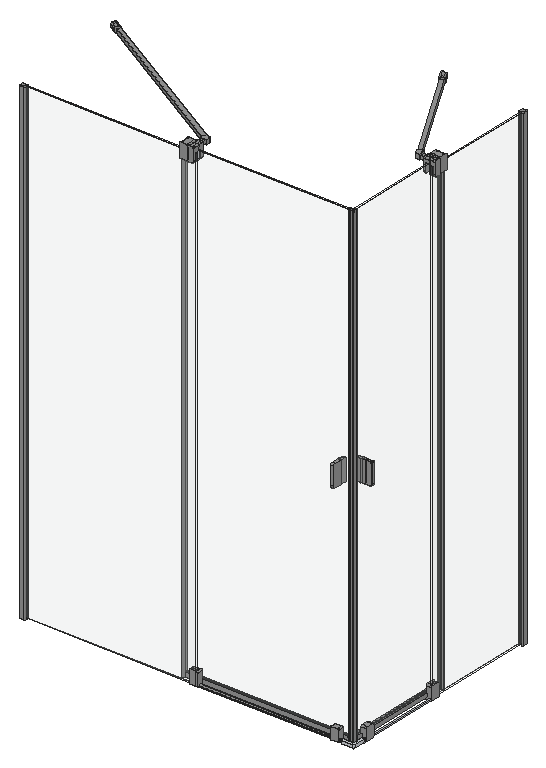
Revit family "Sanitary_Shower-screens_Duscholux_DuschoPulsar_Slider-twin-doors-corner-shower", category Plumbing Fixtures, Revit 2016 (continued)
Definition of nested family "Wall-Bracket-L1"
  Forms (mm)
    Extrusion 7, solid, material <- "Accesories Material"
      sketch origin (-120.816, 135.785, 0) x (0.5, 0.866025, 0) y (0, 0, 1)
        loop
          line (-7.8, 21.515) -> (-7.8, 8.415) -> (7.8, 8.415) -> (7.8, 21.515) -> (-7.8, 21.515)
      from -653.229 to 144.01
    Extrusion 8, solid, material <- "Accesories Material"
      sketch origin (0, 0, 0) x (1, 0, 0) y (0, 1, 0)
        loop
          line (-10.8, 56.032) -> (10.8, 56.032) -> (10.8, 70.019)
          arc (10.8, 70.019) -> (10.273, 71.986) -> (8.833, 73.427) r 3.935
          line (8.833, 73.427) -> (-8.187, 83.253) -> (-18.982, 64.554) -> (-10.8, 59.83) -> (-10.8, 56.032)
      from 5.415 to 25
    Extrusion 9, solid, not visible
      sketch origin (-153.491, 154.65, 25) x (0.5, 0.866025, 0) y (0, 0, 1)
        loop
          line (6, 0) -> (-6, 0)
          arc (-6, 0) -> (-9.536, -1.464) -> (-11, -5) r 5
          line (-11, -5) -> (-11, -15.069)
          arc (-11, -15.069) -> (-9.536, -18.605) -> (-6, -20.069) r 5
          line (-6, -20.069) -> (6, -20.069)
          arc (6, -20.069) -> (9.56, -18.58) -> (11, -15) r 5
          line (11, -15) -> (11, -5.069)
          arc (11, -5.069) -> (9.56, -1.489) -> (6, 0) r 5
      from -288.87 to -243.87
    Extrusion 10, void, not visible
      sketch origin (0, 0, 0) x (1, 0, 0) y (0, 1, 0)
        loop
          line (-398.16, 308.612) -> (-409.161, 289.559) -> (-398.16, 283.208) -> (-398.16, 308.612)
      from 4.931 to 25
  Cuts and joins
    joined: Extrusion 1, Extrusion 2
    joined: Extrusion 4, Extrusion 5
    joined: Extrusion 6, Extrusion 7
  Dimensions and locks
    "Support Lenght": plane 6 to plane 5
    locked: plane 6 to cut or joined group of Extrusion 6, Extrusion 7 at 45
    "D2": plane 8 to nested 1
    locked: plane 1 "Centro (Frontal/Posterior)" to plane 8 at 75.558
    locked: plane 3 "Centro (Izquierda/Derecha)" to plane 9 at 5.5
    "Wall distance": plane 7 to plane 9
    aligned and locked: level to plane 2
    aligned and locked: Extrusion 2 to Extrusion 1
    aligned and locked: Extrusion 5 to Extrusion 4
    aligned and locked: Extrusion 6 to cut or joined group of Extrusion 4, Extrusion 5
    aligned and locked: cut or joined group of Extrusion 6, Extrusion 7 to nested 1
  Automatic sketch dimensions
    Extrusion 1 sketch curve to plane 3 "Centro (Izquierda/Derecha)" = 11 mm
    Extrusion 1 sketch curve to plane 3 "Centro (Izquierda/Derecha)" = 6 mm
    Extrusion 1 sketch curve to Extrusion 1 sketch curve = 5 mm  (x3)
    plane 3 "Centro (Izquierda/Derecha)" to Extrusion 1 sketch curve = 6 mm  (x2)
    Extrusion 1 sketch curve to level = 35 mm
    level to Extrusion 1 sketch curve = 19.931 mm
    Extrusion 1 sketch curve to Extrusion 1 sketch curve = 0.069 mm
    Extrusion 2 sketch curve to level = 0 mm
    Extrusion 2 sketch curve to plane 3 "Centro (Izquierda/Derecha)" = 11 mm
    Extrusion 2 sketch curve to Extrusion 2 sketch curve = 5 mm
    plane 3 "Centro (Izquierda/Derecha)" to Extrusion 2 sketch curve = 6 mm
    plane 3 "Centro (Izquierda/Derecha)" to Extrusion 2 sketch curve = 11 mm
    level to Extrusion 2 sketch curve = 19.931 mm
    level to Extrusion 2 sketch curve = 20 mm
    Extrusion 3 sketch curve to level = 0 mm
    Extrusion 3 sketch curve to plane 3 "Centro (Izquierda/Derecha)" = 11 mm
    Extrusion 3 sketch curve to plane 3 "Centro (Izquierda/Derecha)" = 6 mm
    plane 3 "Centro (Izquierda/Derecha)" to Extrusion 3 sketch curve = 6 mm
    plane 3 "Centro (Izquierda/Derecha)" to Extrusion 3 sketch curve = 11 mm
    Extrusion 3 sketch curve to Extrusion 3 sketch curve = 29.931 mm
    Extrusion 3 sketch curve to Extrusion 3 sketch curve = 0.069 mm
    level to Extrusion 4 sketch curve = 4.931 mm
    Extrusion 4 sketch curve to plane 3 "Centro (Izquierda/Derecha)" = 11 mm
    Extrusion 4 sketch curve to Extrusion 4 sketch curve = 5 mm  (x2)
    plane 3 "Centro (Izquierda/Derecha)" to Extrusion 4 sketch curve = 6 mm
    Extrusion 4 sketch curve to Extrusion 4 sketch curve = 15 mm
    Extrusion 4 sketch curve to Extrusion 4 sketch curve = 15.069 mm
    Extrusion 5 sketch curve to plane 3 "Centro (Izquierda/Derecha)" = 11 mm
    Extrusion 5 sketch curve to plane 3 "Centro (Izquierda/Derecha)" = 6 mm
    Extrusion 5 sketch curve to Extrusion 5 sketch curve = 5 mm  (x3)
    plane 3 "Centro (Izquierda/Derecha)" to Extrusion 5 sketch curve = 6 mm  (x2)
    level to Extrusion 5 sketch curve = 25 mm
    Extrusion 5 sketch curve to level = 29.931 mm
    Extrusion 5 sketch curve to Extrusion 5 sketch curve = 0.069 mm
    Extrusion 6 sketch curve to plane 3 "Centro (Izquierda/Derecha)" = 7.8 mm
    plane 3 "Centro (Izquierda/Derecha)" to Extrusion 6 sketch curve = 7.8 mm
    level to Extrusion 6 sketch curve = 8.415 mm
    Extrusion 6 sketch curve to Extrusion 6 sketch curve = 13.1 mm
    Extrusion 7 sketch curve to plane 4 = 7.8 mm
    plane 4 to Extrusion 7 sketch curve = 7.8 mm
    level to Extrusion 7 sketch curve = 8.415 mm
    Extrusion 7 sketch curve to Extrusion 7 sketch curve = 13.1 mm
    Extrusion 8 sketch curve to plane 3 "Centro (Izquierda/Derecha)" = 18.982 mm
    Extrusion 8 sketch curve to Extrusion 8 sketch curve = 8.182 mm
    Extrusion 8 sketch curve to plane 3 "Centro (Izquierda/Derecha)" = 8.187 mm
    plane 3 "Centro (Izquierda/Derecha)" to Extrusion 8 sketch curve = 6.865 mm
    plane 3 "Centro (Izquierda/Derecha)" to Extrusion 8 sketch curve = 10.8 mm
    Extrusion 8 sketch curve to Extrusion 8 sketch curve = 3.798 mm
    Extrusion 8 sketch curve to Extrusion 8 sketch curve = 1.967 mm
    Extrusion 9 sketch curve to Extrusion 9 sketch curve = 5 mm  (x5)
    Extrusion 9 sketch curve to Extrusion 9 sketch curve = 9.931 mm
    Extrusion 9 sketch curve to Extrusion 9 sketch curve = 0.069 mm
    Extrusion 9 sketch curve to Extrusion 9 sketch curve = 12.001 mm
    Extrusion 10 sketch curve to Extrusion 10 sketch curve = 11 mm
    Extrusion 10 sketch curve to Extrusion 10 sketch curve = 6.351 mm
    plane 8 to Extrusion 8 sketch curve = 19.526 mm
    Extrusion 8 sketch curve to Extrusion 8 sketch curve = 4.724 mm
    plane 8 to Extrusion 8 sketch curve = 2.132 mm
  Nested families
    nested 1: "wall-piece" at (-686.529, 462.4, 0), type "wall-piece"
  Definition of nested family "wall-piece"
    Parameters (values of type "wall-piece")
      Accesories Material = none
    Reference planes
      plane 1 "Center (Front/Back)": y = 0
      plane 2: z = 0
      plane 3 "Center (Left/Right)": x = 0
    Forms (mm)
      Extrusion 1, solid, material <- "Accesories Material"
        sketch origin (211.198, -121.935, 25) x (0.5, 0.866025, 0) y (0, 0, 1)
          loop
            line (6, 0) -> (-6, 0)
            arc (-6, 0) -> (-9.536, -1.464) -> (-11, -5) r 5
            line (-11, -5) -> (-11, -15.069)
            arc (-11, -15.069) -> (-9.536, -18.605) -> (-6, -20.069) r 5
            line (-6, -20.069) -> (6, -20.069)
            arc (6, -20.069) -> (9.56, -18.58) -> (11, -15) r 5
            line (11, -15) -> (11, -5.069)
            arc (11, -5.069) -> (9.56, -1.489) -> (6, 0) r 5
        from -288.87 to -243.87
      Extrusion 2, void
        sketch origin (364.689, -276.585, 0) x (1, 0, 0) y (0, 1, 0)
          loop
            line (-398.16, 308.612) -> (-409.161, 289.559) -> (-398.16, 283.208) -> (-398.16, 308.612)
        from 4.931 to 25
    Cuts and joins
      Extrusion 2 cuts Extrusion 1
    Dimensions and locks
      locked: Extrusion 1 to Extrusion 2 at 45
      aligned and locked: level to plane 2
      aligned and locked: Extrusion 2 to Extrusion 1
Types (4, lengths in mm): name | Width L2 | Width L1 | Wall distance L2 (support) | Wall distance L1 (support) | Sliding Door Width L2 | Sliding Door Width L1 | Product group | Net Weight (Kg) | Min Max Width L2 | Min Max Width L1 | Handle Material | Frame Material | Accesories Material
  (no name) | 900 | 1400 | 475 | 725 | 448.9 | 698.9 | "Front for shower" | 60 | 900 | 1400 | Black Aluminium Finish | Gold | Gold
  Platinum Aluminium Finish | 1300 | 1300 | 675 | 675 | 648.9 | 648.9 | "Front for shower (Separator)" | 0 | 1300 | 1300 | White Handle Finish | Platinum Aluminium Finish | Chrome_Finish
  Black Aluminium Finish | 0 | 1600 | 425 | 825 | 398.9 | 798.9 | "Front for shower" | 60 | 800 | 1600 | Black Handle Finish | Black Aluminium Finish | Chrome_Finish
  Gold Finish | 900 | 1400 | 475 | 725 | 448.9 | 698.9 | "Front for shower" | 60 | 900 | 1400 | Black Aluminium Finish | Gold | Gold
